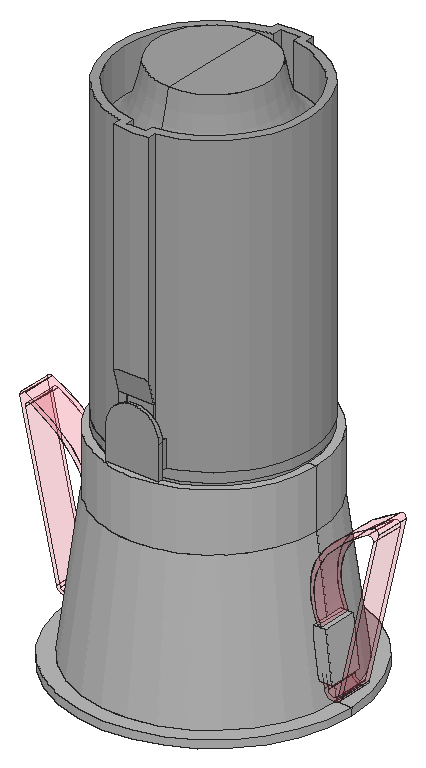
Revit family "LAMP_MOODY G2 1700 (DALI) + MINI ROUND FIXED REFLECTOR", category Luminarias, Revit 2015
Parameters (values of type "2700K FLOOD")
  Ángulo de inclinación = 90.00°
  White reflector model = White reflector code  # "MORFRD072FXW"
  White reflector finish = "Matt white"
  White reflector description = "MOODY REF RD FX Ø72 WH."
  White reflector datasheet = "http://www.lamp.es/product-files/TECH/MORFRD072FXW-EN.pdf"
  White reflector code = "MORFRD072FXW"
  White reflector [instance] = no
  Wattage = 14 W
  UGR = "23"
  Type = "COB PHILIPS"
  Total weight = 0.344 kg
  Total height = 140 mm
  Silver reflector model = Silver reflector code  # "MORFRD072FXM"
  Silver reflector finish = "Metalized matt silver"
  Silver reflector description = "MOODY REF RD FX Ø72 MET."
  Silver reflector datasheet = "http://www.lamp.es/product-files/TECH/MORFRD072FXM-EN.pdf"
  Silver reflector code = "MORFRD072FXM"
  Silver reflector [instance] = no
  Reflector diameter = 72 mm
  Reflector [instance] = and(not(White reflector), not(Copper reflector), not(Black reflector), not(Silver reflector))  # no
  Recessed diameter = 68 mm
  built-in parameter 1150110 = 1 (stored number, unit not read)
  Protection rating = "IP20"
  Product URL = "https://www.lamp.es/en/family/moody_33323"
  Power Supply = "220-240V 50/60Hz"
  Power = 12 W
  Plum = 14 W
  Model explanation = "Availability of switching reflector colour when placed in a project."
  Material Reflector Plata = LAMP_PC Reflector Moody GR
  Material Reflector Negro = LAMP_PC Reflector Moody NG
  Material Reflector Cobre = LAMP_PC Reflector Moody CO
  Material Reflector Blanco = LAMP_PC Reflector Moody BL
  Material Muelle Emp. = LAMP_Acero genérico
  Manufacturer name = "LAMP"
  Manufacturer country = "Spain"
  Manufacturer URL = "http://www.lamp.es/en"
  MacAdam = "3"
  Lámpara = "COB LED"
  Luminaire type = "Indoor - Recessed Downlight"
  Last update = "28/08/2019"
  LED Lifetime = "50.000 L70 B10"
  Insulation class = "II"
  Installation instructions = "https://www.lamp.es/product-files/INS/1004620-A-INSTR.%20MOODY%20G2.pdf"
  IEE = "A++"
  Gear = "Adjustable DALI"
  built-in parameter 1114217 = 1 (stored number, unit not read)
  built-in parameter 1150109 = 1 (stored number, unit not read)
  Fabricante = Manufacturer name  # "LAMP"
  Efficacy = 66.2 lm/W
  Descripción = "MOODY G2 1700 VWW FL DALI BK."
  Core product code = "MO215FL927DB"
  Core model = Core product code  # "MO215FL927DB"
  Core diameter = 50 mm
  Core description = "MOODY CORE 1200 VWW MFL"
  Core datasheet = "http://www.lamp.es/product-files/TECH/MO215FL927DB-EN.pdf"
  Copper reflector model = Copper reflector code  # "MORFRD072FXC"
  Copper reflector finish = "Metalized matt copper"
  Copper reflector description = "MOODY REF RD FX Ø72 CO."
  Copper reflector datasheet = "http://www.lamp.es/product-files/TECH/MORFRD072FXW-EN.pdf"
  Copper reflector code = "MORFRD072FXC"
  Comentarios de tipo = Model explanation  # "Availability of switching reflector colour when placed in a project."
  built-in parameter 1150134 = (empty or 0)
  built-in parameter 1150113 = 1 (stored number, unit not read)
  Lumens = 926.8 lm
  built-in parameter 1150115 = 1 (stored number, unit not read)
  built-in parameter 1150105 = 73.752 (stored number, unit not read)
  built-in parameter 1150137 = (empty or 0)
  built-in parameter 1150139 = (empty or 0)
  built-in parameter 1150112 = 1 (stored number, unit not read)
  built-in parameter 1150114 = 1 (stored number, unit not read)
  built-in parameter 1150132 = 2
  built-in parameter 1150102 = (empty or 0)
  built-in parameter 1150138 = (empty or 0)
  built-in parameter 1150107 = 2700 (stored number, unit not read)
  built-in parameter 1150106 = 0.73752 (stored number, unit not read)
  built-in parameter 1150104 = 6.1502 (stored number, unit not read)
  Dimming Lamp Color Temperature Shift = (empty or 0)
  Color Filter = 16777215
  built-in parameter 1114218 = 1 (stored number, unit not read)
  CRI = "90"
  Copper reflector [instance] = yes
  Black reflector model = Black reflector code  # "MORFRD072FXB"
  Black reflector finish = "Matt black"
  Black reflector description = "MOODY REF RD FX Ø72 BK."
  Black reflector datasheet = "http://www.lamp.es/product-files/TECH/MORFRD072FXB-EN.pdf"
  Black reflector code = "MORFRD072FXB"
  Black reflector [instance] = no
  Archivo de red fotométrica = "MO215FL927TB+MORFRD072FXM.IES"
  Altura reflector = 52.8 mm
  built-in parameter 1150133 = 10 (stored number, unit not read)
Types (9, lengths in mm): name | UGR | Efficacy | Descripción | Core product code | Core model | Core datasheet | built-in parameter 1150107 | CRI
  2700K FLOOD | "23" | 66.2 lm/W | "MOODY G2 1700 VWW FL DALI BK." | "MO215FL927DB" | "MO215FL927DB" | "http://www.lamp.es/product-files/TECH/MO215FL927DB-EN.pdf" | 2700 (stored number, unit not read) | "90"
  2700K SPOT | "23" | 66.2 lm/W | "MOODY G2 1700 VWW SP DALI BK." | "MO215SP927DB" | "MO215SP927DB" | "http://www.lamp.es/product-files/TECH/MO215SP927DB-EN.pdf" | 2700 (stored number, unit not read) | "90"
  2700K WIDE FLOOD | "23" | 66.2 lm/W | "MOODY G2 1700 VWW WFL DALI BK." | "MO215WF927DB" | "MO215WF927DB" | "http://www.lamp.es/product-files/TECH/MO215WF927DB-EN.pdf" | 2700 (stored number, unit not read) | "90"
  3000K FLOOD | "23" | 81.2 lm/W | "MOODY G2 1700 WW FL DALI BK." | "MO215FL830DB" | "MO215FL830DB" | "http://www.lamp.es/product-files/TECH/MO215FL830DB-EN.pdf" | 3000 (stored number, unit not read) | "80"
  3000K SPOT | "23" | 81.2 lm/W | "MOODY G2 1700 WW SP DALI BK." | "MO215SP830DB" | "MO215SP830DB" | "http://www.lamp.es/product-files/TECH/MO215SP830DB-EN.pdf" | 3000 (stored number, unit not read) | "80"
  3000K WIDE FLOOD | "23" | 81.2 lm/W | "MOODY G2 1700 WW WFL DALI BK." | "MO215WF830DB" | "MO215WF830DB" | "http://www.lamp.es/product-files/TECH/MO215WF830DB-EN.pdf" | 3000 (stored number, unit not read) | "80"
  4000K FLOOD | "24" | 86 lm/W | "MOODY G2 1700 NW FL DALI BK." | "MO215FL840DB" | "MO215FL840DB" | "http://www.lamp.es/product-files/TECH/MO215FL840DB-EN.pdf" | 4000 (stored number, unit not read) | "80"
  4000K SPOT | "24" | 86 lm/W | "MOODY G2 1700 NW SP DALI BK." | "MO215SP840DB" | "MO215SP840DB" | "http://www.lamp.es/product-files/TECH/MO215SP840DB-EN.pdf" | 4000 (stored number, unit not read) | "80"
  4000K WIDE FLOOD | "24" | 86 lm/W | "MOODY G2 1700 NW WFL DALI BK." | "MO215WF840DB" | "MO215WF840DB" | "http://www.lamp.es/product-files/TECH/MO215WF840DB-EN.pdf" | 4000 (stored number, unit not read) | "80"
Reference planes
  plane 1 "Eje de origen de luz (F/P)": y = 0
  plane 2: z = 0
  plane 3 "Eje de origen de luz (I/D)": x = 0
  plane 4 "Techo": z = 4000
  plane 5 "Elevación de origen de luz": z = 4000
Forms (mm)
  Revolve 1, solid, material "LAMP_PC Reflector Moody CO" <- "Material Reflector Cobre", visible <- "Reflector"
    sketch origin (0, 0, 0) x (1, 0, 0) y (0, 0, 1)
      loop
        line (-30, 3998) -> (-30, 4000) -> (-24.838, 4037.526) -> (-24.838, 4045.8) -> (-23.138, 4045.8) -> (-23.138, 4047.8) -> (-24.838, 4047.8) -> (-24.838, 4052.8) -> (-26.8, 4052.8) -> (-26.8, 4037.8) -> (-32, 4000) -> (-36, 4000) -> (-36, 3998) -> (-30, 3998)
      axis (0, 3998) -> (0, 4052.8)
    angle from 0 to 360
  Extrusion 2, solid, material "LAMP_PC Reflector Moody CO" <- "Material Reflector Cobre", visible <- "Reflector"
    sketch origin (0, 0, 0) x (1, 0, 0) y (0, 0, 1)
      loop
        line (-31.187, 4006.379) -> (-29.063, 4012.148) -> (-29.652, 4018.879) -> (-32.652, 4018.879) -> (-34.187, 4006.379) -> (-31.187, 4006.379)
    from 4.4 to -4.4
  Extrusion 3, solid, material "LAMP_Acero genérico" <- "Material Muelle Emp."
    sketch origin (0, 0, 0) x (1, 0, 0) y (0, 0, 1)
      loop
        line (-31.943, 4008.334) -> (-32.936, 4008.456) -> (-33.354, 4005.052)
        arc (-33.354, 4005.052) -> (-34.505, 4003.774) -> (-36.101, 4004.418) r 1.5
        line (-36.101, 4004.418) -> (-45.08, 4043.315)
        arc (-45.08, 4043.315) -> (-44.744, 4044.291) -> (-43.719, 4044.417) r 0.975
        spline (-43.719, 4044.417) -> (-39.839, 4042.049) -> (-36.692, 4039.685) -> (-34.215, 4037.335) -> (-32.344, 4035.012) -> (-31.016, 4032.729) -> (-30.17, 4030.498) -> (-29.74, 4028.33) -> (-29.666, 4026.239) -> (-29.883, 4024.236) -> (-30.329, 4022.333) -> (-30.941, 4020.544) -> (-31.656, 4018.879)
        line (-31.656, 4018.879) -> (-30.649, 4018.879)
        spline (-30.649, 4018.879) -> (-29.869, 4020.895) -> (-29.241, 4023.007) -> (-28.826, 4025.204) -> (-28.688, 4027.472) -> (-28.891, 4029.797) -> (-29.498, 4032.167) -> (-30.573, 4034.568) -> (-32.179, 4036.988) -> (-34.38, 4039.414) -> (-37.239, 4041.832) -> (-40.82, 4044.23) -> (-45.186, 4046.593)
        arc (-45.186, 4046.593) -> (-46.211, 4046.467) -> (-46.547, 4045.491) r 0.975
        line (-46.547, 4045.491) -> (-37.091, 4004.532)
        arc (-37.091, 4004.532) -> (-36.228, 4003.203) -> (-34.714, 4002.739) r 2.317
        arc (-34.714, 4002.739) -> (-33.138, 4003.406) -> (-32.361, 4004.931) r 2.5
        line (-32.361, 4004.931) -> (-31.943, 4008.334)
    from 4.4 to -4.4
  Extrusion 4, solid, material "LAMP_PC Reflector Moody CO" <- "Material Reflector Cobre", visible <- "Reflector"
    sketch origin (0, 0, 0) x (-1, 0, 0) y (0, 0, -1)
      loop
        line (-31.187, -4006.379) -> (-34.187, -4006.379) -> (-32.652, -4018.879) -> (-29.652, -4018.879) -> (-29.063, -4012.148) -> (-31.187, -4006.379)
    from 4.4 to -4.4
  Extrusion 5, solid, material "LAMP_Acero genérico" <- "Material Muelle Emp."
    sketch origin (0, 0, 0) x (-1, 0, 0) y (0, 0, -1)
      loop
        line (-31.943, -4008.334) -> (-32.361, -4004.931)
        arc (-32.361, -4004.931) -> (-33.138, -4003.406) -> (-34.714, -4002.739) r 2.5
        arc (-34.714, -4002.739) -> (-36.228, -4003.203) -> (-37.091, -4004.532) r 2.317
        line (-37.091, -4004.532) -> (-46.547, -4045.491)
        arc (-46.547, -4045.491) -> (-46.211, -4046.467) -> (-45.186, -4046.593) r 0.975
        spline (-45.186, -4046.593) -> (-40.82, -4044.23) -> (-37.239, -4041.832) -> (-34.38, -4039.414) -> (-32.179, -4036.988) -> (-30.573, -4034.568) -> (-29.498, -4032.167) -> (-28.891, -4029.797) -> (-28.688, -4027.472) -> (-28.826, -4025.204) -> (-29.241, -4023.007) -> (-29.869, -4020.895) -> (-30.649, -4018.879)
        line (-30.649, -4018.879) -> (-31.656, -4018.879)
        spline (-31.656, -4018.879) -> (-30.941, -4020.544) -> (-30.329, -4022.333) -> (-29.883, -4024.236) -> (-29.666, -4026.239) -> (-29.74, -4028.33) -> (-30.17, -4030.498) -> (-31.016, -4032.729) -> (-32.344, -4035.012) -> (-34.215, -4037.335) -> (-36.692, -4039.685) -> (-39.839, -4042.049) -> (-43.719, -4044.417)
        arc (-43.719, -4044.417) -> (-44.744, -4044.291) -> (-45.08, -4043.315) r 0.975
        line (-45.08, -4043.315) -> (-36.101, -4004.418)
        arc (-36.101, -4004.418) -> (-34.505, -4003.774) -> (-33.354, -4005.052) r 1.5
        line (-33.354, -4005.052) -> (-32.936, -4008.456) -> (-31.943, -4008.334)
    from 4.4 to -4.4
  Revolve 6, solid, material "LAMP_PC Reflector Moody BL" <- "Material Reflector Blanco", visible <- "White reflector"
    sketch origin (0, 0, 0) x (1, 0, 0) y (0, 0, 1)
      loop
        line (-30, 3998) -> (-30, 4000) -> (-24.838, 4037.526) -> (-24.838, 4045.8) -> (-23.138, 4045.8) -> (-23.138, 4047.8) -> (-24.838, 4047.8) -> (-24.838, 4052.8) -> (-26.8, 4052.8) -> (-26.8, 4037.8) -> (-32, 4000) -> (-36, 4000) -> (-36, 3998) -> (-30, 3998)
      axis (0, 3998) -> (0, 4052.8)
    angle from 0 to 360
  Extrusion 7, solid, material "LAMP_PC Reflector Moody BL" <- "Material Reflector Blanco", visible <- "White reflector"
    sketch origin (0, 0, 0) x (1, 0, 0) y (0, 0, 1)
      loop
        line (-31.187, 4006.379) -> (-29.063, 4012.148) -> (-29.652, 4018.879) -> (-32.652, 4018.879) -> (-34.187, 4006.379) -> (-31.187, 4006.379)
    from 4.4 to -4.4
  Extrusion 8, solid, material "LAMP_PC Reflector Moody BL" <- "Material Reflector Blanco", visible <- "White reflector"
    sketch origin (0, 0, 0) x (-1, 0, 0) y (0, 0, -1)
      loop
        line (-31.187, -4006.379) -> (-34.187, -4006.379) -> (-32.652, -4018.879) -> (-29.652, -4018.879) -> (-29.063, -4012.148) -> (-31.187, -4006.379)
    from 4.4 to -4.4
  Revolve 9, solid, material "LAMP_PC Reflector Moody CO" <- "Material Reflector Cobre", visible <- "Copper reflector"
    sketch origin (0, 0, 0) x (1, 0, 0) y (0, 0, 1)
      loop
        line (-30, 3998) -> (-30, 4000) -> (-24.838, 4037.526) -> (-24.838, 4045.8) -> (-23.138, 4045.8) -> (-23.138, 4047.8) -> (-24.838, 4047.8) -> (-24.838, 4052.8) -> (-26.8, 4052.8) -> (-26.8, 4037.8) -> (-32, 4000) -> (-36, 4000) -> (-36, 3998) -> (-30, 3998)
      axis (0, 3998) -> (0, 4052.8)
    angle from 0 to 360
  Extrusion 10, solid, material "LAMP_PC Reflector Moody CO" <- "Material Reflector Cobre", visible <- "Copper reflector"
    sketch origin (0, 0, 0) x (1, 0, 0) y (0, 0, 1)
      loop
        line (-31.187, 4006.379) -> (-29.063, 4012.148) -> (-29.652, 4018.879) -> (-32.652, 4018.879) -> (-34.187, 4006.379) -> (-31.187, 4006.379)
    from 4.4 to -4.4
  Extrusion 11, solid, material "LAMP_PC Reflector Moody CO" <- "Material Reflector Cobre", visible <- "Copper reflector"
    sketch origin (0, 0, 0) x (-1, 0, 0) y (0, 0, -1)
      loop
        line (-31.187, -4006.379) -> (-34.187, -4006.379) -> (-32.652, -4018.879) -> (-29.652, -4018.879) -> (-29.063, -4012.148) -> (-31.187, -4006.379)
    from 4.4 to -4.4
  Revolve 12, solid, material "LAMP_PC Reflector Moody NG" <- "Material Reflector Negro", visible <- "Black reflector"
    sketch origin (0, 0, 0) x (1, 0, 0) y (0, 0, 1)
      loop
        line (-30, 3998) -> (-30, 4000) -> (-24.838, 4037.526) -> (-24.838, 4045.8) -> (-23.138, 4045.8) -> (-23.138, 4047.8) -> (-24.838, 4047.8) -> (-24.838, 4052.8) -> (-26.8, 4052.8) -> (-26.8, 4037.8) -> (-32, 4000) -> (-36, 4000) -> (-36, 3998) -> (-30, 3998)
      axis (0, 3998) -> (0, 4052.8)
    angle from 0 to 360
  Extrusion 13, solid, material "LAMP_PC Reflector Moody NG" <- "Material Reflector Negro", visible <- "Black reflector"
    sketch origin (0, 0, 0) x (1, 0, 0) y (0, 0, 1)
      loop
        line (-31.187, 4006.379) -> (-29.063, 4012.148) -> (-29.652, 4018.879) -> (-32.652, 4018.879) -> (-34.187, 4006.379) -> (-31.187, 4006.379)
    from 4.4 to -4.4
  Extrusion 14, solid, material "LAMP_PC Reflector Moody NG" <- "Material Reflector Negro", visible <- "Black reflector"
    sketch origin (0, 0, 0) x (-1, 0, 0) y (0, 0, -1)
      loop
        line (-31.187, -4006.379) -> (-34.187, -4006.379) -> (-32.652, -4018.879) -> (-29.652, -4018.879) -> (-29.063, -4012.148) -> (-31.187, -4006.379)
    from 4.4 to -4.4
  Revolve 15, solid, material "LAMP_PC Reflector Moody GR" <- "Material Reflector Plata", visible <- "Silver reflector"
    sketch origin (0, 0, 0) x (1, 0, 0) y (0, 0, 1)
      loop
        line (-30, 3998) -> (-30, 4000) -> (-24.838, 4037.526) -> (-24.838, 4045.8) -> (-23.138, 4045.8) -> (-23.138, 4047.8) -> (-24.838, 4047.8) -> (-24.838, 4052.8) -> (-26.8, 4052.8) -> (-26.8, 4037.8) -> (-32, 4000) -> (-36, 4000) -> (-36, 3998) -> (-30, 3998)
      axis (0, 3998) -> (0, 4052.8)
    angle from 0 to 360
  Extrusion 16, solid, material "LAMP_PC Reflector Moody GR" <- "Material Reflector Plata", visible <- "Silver reflector"
    sketch origin (0, 0, 0) x (1, 0, 0) y (0, 0, 1)
      loop
        line (-31.187, 4006.379) -> (-29.063, 4012.148) -> (-29.652, 4018.879) -> (-32.652, 4018.879) -> (-34.187, 4006.379) -> (-31.187, 4006.379)
    from 4.4 to -4.4
  Extrusion 17, solid, material "LAMP_PC Reflector Moody GR" <- "Material Reflector Plata", visible <- "Silver reflector"
    sketch origin (0, 0, 0) x (-1, 0, 0) y (0, 0, -1)
      loop
        line (-31.187, -4006.379) -> (-34.187, -4006.379) -> (-32.652, -4018.879) -> (-29.652, -4018.879) -> (-29.063, -4012.148) -> (-31.187, -4006.379)
    from 4.4 to -4.4
Text (mm)
  text "Any modification of the parameters and properties of the LAMP BIM models must be executed and validated by the LAMP technical department.\n\nPhone: +34 93 736 68 00\n\nE-mail: lamp@lamp.es\n\n\n\nLAMP reserves the right to modify the technical specifications of its products." at (-1193.374, 1782.913, 3832.353), in view "Preview"
Dimensions and locks
  equal spacing: host sketch curve, plane 3 "Eje de origen de luz (I/D)", host sketch curve
  equal spacing: host sketch curve, plane 1 "Eje de origen de luz (F/P)", host sketch curve
  host sketch curve to host sketch curve = 4000 mm  (x2)
  locked: plane 4 "Techo" to host ceiling at 0
  "Altura reflector": plane 4 "Techo" to Revolve 1
  locked: Revolve 15 to nested 1 at 85
  aligned and locked: plane 3 "Eje de origen de luz (I/D)" to imposter light
  aligned and locked: plane 1 "Eje de origen de luz (F/P)" to imposter light
  aligned and locked: plane 5 "Elevación de origen de luz" to imposter light
  aligned and locked: imposter light to plane 4 "Techo"
Automatic sketch dimensions
  Revolve 1 sketch curve to plane 4 "Techo" = 0 mm  (x2)
  Revolve 1 sketch curve to plane 3 "Eje de origen de luz (I/D)" = 0 mm
  Revolve 1 sketch curve to plane 3 "Eje de origen de luz (I/D)" = 23.138 mm
  Revolve 1 sketch curve to Revolve 1 sketch curve = 1.7 mm  (x2)
  Revolve 1 sketch curve to Revolve 1 sketch curve = 1.962 mm
  Revolve 1 sketch curve to plane 3 "Eje de origen de luz (I/D)" = 30 mm
  Revolve 1 sketch curve to Revolve 1 sketch curve = 2 mm  (x2)
  Revolve 1 sketch curve to Revolve 1 sketch curve = 4 mm
  plane 4 "Techo" to Revolve 1 sketch curve = 2 mm
  Revolve 1 sketch curve to plane 4 "Techo" = 37.526 mm
  Revolve 1 sketch curve to Revolve 1 sketch curve = 0.274 mm
  Revolve 1 sketch curve to Revolve 1 sketch curve = 8 mm
  Revolve 1 sketch curve to Revolve 1 sketch curve = 5 mm
  Revolve 1 sketch curve to level = 358.228 mm
  Revolve 1 sketch curve to Revolve 1 sketch curve = 309.385 mm
  Extrusion 2 sketch curve to plane 4 "Techo" = 6.379 mm
  Extrusion 2 sketch curve to plane 3 "Eje de origen de luz (I/D)" = 34.187 mm
  Extrusion 2 sketch curve to Extrusion 2 sketch curve = 1.535 mm
  Extrusion 2 sketch curve to Extrusion 2 sketch curve = 3 mm  (x2)
  Extrusion 2 sketch curve to plane 4 "Techo" = 12.148 mm
  Extrusion 2 sketch curve to Extrusion 2 sketch curve = 2.124 mm
  Extrusion 2 sketch curve to Extrusion 2 sketch curve = 6.731 mm
  Extrusion 3 sketch curve to Extrusion 3 sketch curve = 0 mm  (x2)
  Extrusion 3 sketch curve to plane 3 "Eje de origen de luz (I/D)" = 46.547 mm
  Extrusion 3 sketch curve to Extrusion 3 sketch curve = 0.95 mm  (x2)
  Extrusion 3 sketch curve to Extrusion 3 sketch curve = 0.412 mm  (x2)
  Extrusion 3 sketch curve to Extrusion 3 sketch curve = 0.517 mm
  Extrusion 3 sketch curve to plane 4 "Techo" = 4.532 mm
  Extrusion 3 sketch curve to plane 3 "Eje de origen de luz (I/D)" = 37.091 mm
  Extrusion 3 sketch curve to plane 4 "Techo" = 4.418 mm
  Extrusion 3 sketch curve to Extrusion 3 sketch curve = 0.991 mm
  Extrusion 3 sketch curve to Extrusion 3 sketch curve = 1.258 mm
  Extrusion 3 sketch curve to Extrusion 3 sketch curve = 0.009 mm
  Extrusion 3 sketch curve to plane 4 "Techo" = 5.052 mm
  Extrusion 3 sketch curve to Extrusion 3 sketch curve = 1.479 mm
  Extrusion 3 sketch curve to plane 4 "Techo" = 8.456 mm
  Extrusion 3 sketch curve to Extrusion 3 sketch curve = 0.418 mm
  Extrusion 3 sketch curve to plane 4 "Techo" = 4.931 mm
  Extrusion 3 sketch curve to Extrusion 3 sketch curve = 0.993 mm
  Extrusion 3 sketch curve to Extrusion 3 sketch curve = 1.28 mm
  Extrusion 3 sketch curve to Extrusion 3 sketch curve = 1.008 mm
  Extrusion 3 sketch curve to Extrusion 3 sketch curve = 0.182 mm
  Extrusion 3 sketch curve to Extrusion 3 sketch curve = 10.423 mm
  Extrusion 3 sketch curve to Extrusion 3 sketch curve = 24.435 mm
  Extrusion 3 sketch curve to Extrusion 3 sketch curve = 0.219 mm  (x2)
  Extrusion 3 sketch curve to Extrusion 3 sketch curve = 2.176 mm
  plane 4 "Techo" to Extrusion 4 sketch curve = 6.379 mm
  Extrusion 4 sketch curve to plane 3 "Eje de origen de luz (I/D)" = 34.187 mm
  Extrusion 4 sketch curve to Extrusion 4 sketch curve = 1.535 mm
  Extrusion 4 sketch curve to Extrusion 4 sketch curve = 3 mm  (x2)
  plane 4 "Techo" to Extrusion 4 sketch curve = 12.148 mm
  Extrusion 4 sketch curve to Extrusion 4 sketch curve = 2.124 mm
  Extrusion 4 sketch curve to Extrusion 4 sketch curve = 6.731 mm
  Extrusion 5 sketch curve to Extrusion 5 sketch curve = 0 mm  (x2)
  Extrusion 5 sketch curve to plane 3 "Eje de origen de luz (I/D)" = 46.547 mm
  Extrusion 5 sketch curve to Extrusion 5 sketch curve = 0.95 mm  (x2)
  Extrusion 5 sketch curve to Extrusion 5 sketch curve = 0.412 mm  (x2)
  Extrusion 5 sketch curve to Extrusion 5 sketch curve = 0.517 mm
  plane 4 "Techo" to Extrusion 5 sketch curve = 4.532 mm
  Extrusion 5 sketch curve to plane 3 "Eje de origen de luz (I/D)" = 37.091 mm
  plane 4 "Techo" to Extrusion 5 sketch curve = 4.418 mm
  Extrusion 5 sketch curve to Extrusion 5 sketch curve = 0.991 mm
  Extrusion 5 sketch curve to Extrusion 5 sketch curve = 1.258 mm
  Extrusion 5 sketch curve to Extrusion 5 sketch curve = 0.009 mm
  plane 4 "Techo" to Extrusion 5 sketch curve = 5.052 mm
  Extrusion 5 sketch curve to Extrusion 5 sketch curve = 1.479 mm
  plane 4 "Techo" to Extrusion 5 sketch curve = 8.456 mm
  Extrusion 5 sketch curve to Extrusion 5 sketch curve = 0.418 mm
  plane 4 "Techo" to Extrusion 5 sketch curve = 4.931 mm
  Extrusion 5 sketch curve to Extrusion 5 sketch curve = 0.993 mm
  Extrusion 5 sketch curve to Extrusion 5 sketch curve = 1.28 mm
  Extrusion 5 sketch curve to Extrusion 5 sketch curve = 1.008 mm
  Extrusion 5 sketch curve to Extrusion 5 sketch curve = 0.182 mm
  Extrusion 5 sketch curve to Extrusion 5 sketch curve = 10.423 mm
  Extrusion 5 sketch curve to Extrusion 5 sketch curve = 24.435 mm
  Extrusion 5 sketch curve to Extrusion 5 sketch curve = 0.219 mm  (x2)
  Extrusion 5 sketch curve to Extrusion 5 sketch curve = 2.176 mm
  Revolve 6 sketch curve to plane 4 "Techo" = 0 mm  (x2)
  plane 4 "Techo" to Revolve 6 sketch curve = 2 mm
  Revolve 6 sketch curve to plane 3 "Eje de origen de luz (I/D)" = 36 mm
  Revolve 6 sketch curve to Revolve 6 sketch curve = 4 mm
  Revolve 6 sketch curve to Revolve 6 sketch curve = 2 mm  (x2)
  Revolve 6 sketch curve to Revolve 6 sketch curve = 3.2 mm
  Revolve 6 sketch curve to Revolve 6 sketch curve = 1.962 mm  (x2)
  Revolve 6 sketch curve to Revolve 6 sketch curve = 1.7 mm
  Revolve 6 sketch curve to plane 4 "Techo" = 37.526 mm
  Revolve 6 sketch curve to Revolve 6 sketch curve = 0.274 mm
  Revolve 6 sketch curve to Revolve 6 sketch curve = 8 mm
  Revolve 6 sketch curve to Revolve 6 sketch curve = 5 mm
  plane 3 "Eje de origen de luz (I/D)" to Revolve 6 sketch curve = 0 mm
  Revolve 6 sketch curve to level = 358.228 mm
  Revolve 6 sketch curve to Revolve 6 sketch curve = 309.385 mm
  Extrusion 7 sketch curve to plane 4 "Techo" = 6.379 mm
  Extrusion 7 sketch curve to plane 3 "Eje de origen de luz (I/D)" = 34.187 mm
  Extrusion 7 sketch curve to Extrusion 7 sketch curve = 1.535 mm
  Extrusion 7 sketch curve to Extrusion 7 sketch curve = 3 mm  (x2)
  Extrusion 7 sketch curve to plane 4 "Techo" = 18.879 mm
  Extrusion 7 sketch curve to plane 4 "Techo" = 12.148 mm
  Extrusion 7 sketch curve to Extrusion 7 sketch curve = 2.124 mm
  plane 4 "Techo" to Extrusion 8 sketch curve = 6.379 mm
  Extrusion 8 sketch curve to plane 3 "Eje de origen de luz (I/D)" = 34.187 mm
  Extrusion 8 sketch curve to Extrusion 8 sketch curve = 1.535 mm
  Extrusion 8 sketch curve to Extrusion 8 sketch curve = 3 mm  (x2)
  plane 4 "Techo" to Extrusion 8 sketch curve = 18.879 mm
  plane 4 "Techo" to Extrusion 8 sketch curve = 12.148 mm
  Extrusion 8 sketch curve to Extrusion 8 sketch curve = 2.124 mm
  Revolve 9 sketch curve to plane 4 "Techo" = 0 mm  (x2)
  plane 4 "Techo" to Revolve 9 sketch curve = 2 mm
  Revolve 9 sketch curve to plane 3 "Eje de origen de luz (I/D)" = 36 mm
  Revolve 9 sketch curve to Revolve 9 sketch curve = 4 mm
  Revolve 9 sketch curve to Revolve 9 sketch curve = 2 mm  (x2)
  Revolve 9 sketch curve to Revolve 9 sketch curve = 3.2 mm
  Revolve 9 sketch curve to Revolve 9 sketch curve = 1.962 mm  (x2)
  Revolve 9 sketch curve to Revolve 9 sketch curve = 1.7 mm
  Revolve 9 sketch curve to plane 4 "Techo" = 37.526 mm
  Revolve 9 sketch curve to Revolve 9 sketch curve = 0.274 mm
  Revolve 9 sketch curve to Revolve 9 sketch curve = 8 mm
  Revolve 9 sketch curve to Revolve 9 sketch curve = 5 mm
  plane 3 "Eje de origen de luz (I/D)" to Revolve 9 sketch curve = 0 mm
  Revolve 9 sketch curve to level = 358.228 mm
  Revolve 9 sketch curve to Revolve 9 sketch curve = 309.385 mm
  Extrusion 10 sketch curve to plane 4 "Techo" = 6.379 mm
  Extrusion 10 sketch curve to plane 3 "Eje de origen de luz (I/D)" = 34.187 mm
  Extrusion 10 sketch curve to Extrusion 10 sketch curve = 1.535 mm
  Extrusion 10 sketch curve to Extrusion 10 sketch curve = 3 mm  (x2)
  Extrusion 10 sketch curve to plane 4 "Techo" = 18.879 mm
  Extrusion 10 sketch curve to plane 4 "Techo" = 12.148 mm
  Extrusion 10 sketch curve to Extrusion 10 sketch curve = 2.124 mm
  plane 4 "Techo" to Extrusion 11 sketch curve = 6.379 mm
  Extrusion 11 sketch curve to plane 3 "Eje de origen de luz (I/D)" = 34.187 mm
  Extrusion 11 sketch curve to Extrusion 11 sketch curve = 1.535 mm
  Extrusion 11 sketch curve to Extrusion 11 sketch curve = 3 mm  (x2)
  plane 4 "Techo" to Extrusion 11 sketch curve = 18.879 mm
  plane 4 "Techo" to Extrusion 11 sketch curve = 12.148 mm
  Extrusion 11 sketch curve to Extrusion 11 sketch curve = 2.124 mm
  Revolve 12 sketch curve to plane 4 "Techo" = 0 mm  (x2)
  plane 4 "Techo" to Revolve 12 sketch curve = 2 mm
  Revolve 12 sketch curve to plane 3 "Eje de origen de luz (I/D)" = 36 mm
  Revolve 12 sketch curve to Revolve 12 sketch curve = 4 mm
  Revolve 12 sketch curve to Revolve 12 sketch curve = 2 mm  (x2)
  Revolve 12 sketch curve to Revolve 12 sketch curve = 3.2 mm
  Revolve 12 sketch curve to Revolve 12 sketch curve = 1.962 mm  (x2)
  Revolve 12 sketch curve to Revolve 12 sketch curve = 1.7 mm
  Revolve 12 sketch curve to plane 4 "Techo" = 37.526 mm
  Revolve 12 sketch curve to Revolve 12 sketch curve = 0.274 mm
  Revolve 12 sketch curve to Revolve 12 sketch curve = 8 mm
  Revolve 12 sketch curve to Revolve 12 sketch curve = 5 mm
  plane 3 "Eje de origen de luz (I/D)" to Revolve 12 sketch curve = 0 mm
  Revolve 12 sketch curve to level = 358.228 mm
  Revolve 12 sketch curve to Revolve 12 sketch curve = 309.385 mm
  Extrusion 13 sketch curve to plane 4 "Techo" = 6.379 mm
  Extrusion 13 sketch curve to plane 3 "Eje de origen de luz (I/D)" = 34.187 mm
  Extrusion 13 sketch curve to Extrusion 13 sketch curve = 1.535 mm
  Extrusion 13 sketch curve to Extrusion 13 sketch curve = 3 mm  (x2)
  Extrusion 13 sketch curve to plane 4 "Techo" = 18.879 mm
  Extrusion 13 sketch curve to plane 4 "Techo" = 12.148 mm
  Extrusion 13 sketch curve to Extrusion 13 sketch curve = 2.124 mm
  plane 4 "Techo" to Extrusion 14 sketch curve = 6.379 mm
  Extrusion 14 sketch curve to plane 3 "Eje de origen de luz (I/D)" = 34.187 mm
  Extrusion 14 sketch curve to Extrusion 14 sketch curve = 1.535 mm
  Extrusion 14 sketch curve to Extrusion 14 sketch curve = 3 mm  (x2)
  plane 4 "Techo" to Extrusion 14 sketch curve = 18.879 mm
  plane 4 "Techo" to Extrusion 14 sketch curve = 12.148 mm
  Extrusion 14 sketch curve to Extrusion 14 sketch curve = 2.124 mm
  Revolve 15 sketch curve to plane 4 "Techo" = 0 mm  (x2)
  plane 4 "Techo" to Revolve 15 sketch curve = 2 mm
  Revolve 15 sketch curve to plane 3 "Eje de origen de luz (I/D)" = 36 mm
  Revolve 15 sketch curve to Revolve 15 sketch curve = 4 mm
  Revolve 15 sketch curve to Revolve 15 sketch curve = 2 mm  (x2)
  Revolve 15 sketch curve to Revolve 15 sketch curve = 3.2 mm
  Revolve 15 sketch curve to Revolve 15 sketch curve = 1.962 mm  (x2)
  Revolve 15 sketch curve to Revolve 15 sketch curve = 1.7 mm
  Revolve 15 sketch curve to plane 4 "Techo" = 37.526 mm
  Revolve 15 sketch curve to Revolve 15 sketch curve = 0.274 mm
  Revolve 15 sketch curve to Revolve 15 sketch curve = 8 mm
  Revolve 15 sketch curve to Revolve 15 sketch curve = 5 mm
  plane 3 "Eje de origen de luz (I/D)" to Revolve 15 sketch curve = 0 mm
  Revolve 15 sketch curve to level = 358.228 mm
  Revolve 15 sketch curve to Revolve 15 sketch curve = 309.385 mm
  Extrusion 16 sketch curve to plane 4 "Techo" = 6.379 mm
  Extrusion 16 sketch curve to plane 3 "Eje de origen de luz (I/D)" = 34.187 mm
  Extrusion 16 sketch curve to Extrusion 16 sketch curve = 1.535 mm
  Extrusion 16 sketch curve to Extrusion 16 sketch curve = 3 mm  (x2)
  Extrusion 16 sketch curve to plane 4 "Techo" = 18.879 mm
  Extrusion 16 sketch curve to plane 4 "Techo" = 12.148 mm
  Extrusion 16 sketch curve to Extrusion 16 sketch curve = 2.124 mm
  plane 4 "Techo" to Extrusion 17 sketch curve = 6.379 mm
  Extrusion 17 sketch curve to plane 3 "Eje de origen de luz (I/D)" = 34.187 mm
  Extrusion 17 sketch curve to Extrusion 17 sketch curve = 1.535 mm
  Extrusion 17 sketch curve to Extrusion 17 sketch curve = 3 mm  (x2)
  plane 4 "Techo" to Extrusion 17 sketch curve = 18.879 mm
  plane 4 "Techo" to Extrusion 17 sketch curve = 12.148 mm
  Extrusion 17 sketch curve to Extrusion 17 sketch curve = 2.124 mm
Nested families
  nested 1: "LAMP_MOODY CORE 1200" at (0, 0, 4047.8) x (0, 1, 0) z (0, 0, 1), type "LAMP_MOODY CORE 1200"
Connectors
  electrical at (0, 0, 4000)
    settings: on imposter light, index 1, voltage 230 V, apparent load 0 VA, apparent load phase1 0 VA, apparent load phase2 0 VA, apparent load phase3 0 VA, power factor 1, load classification "Otro", number of poles 1, system type 31, power factor state 1, is connector primary yes, connector utility no, sub classification motor no, connector description ""
Definition of nested family "LAMP_MOODY CORE 1200"
  Parameters (values of type "LAMP_MOODY CORE 1200")
    Weight = 0.316 kg
    Protection rating = "IP20"
    Product name = "MOODY CORE 1200"
    Product URL = "http://www.lamp.es/en/family/moody_33323"
    Material Reflector = none
    Material Cuerpo = none
    Material COB = none
    Manufacturer name = "LAMP"
    Manufacturer country = "Spain"
    Manufacturer URL = "http://www.lamp.es/en"
    Luminaire type = "Indoor - Recessed Downlight"
    Last update = "08/05/2018"
    Installation instructions = ""
    Height = 90 mm
    Finish = "Cataphorese"
    Manufacturer = Manufacturer name  # "LAMP"
    Default Elevation = 1219.2 mm
    Diameter = 50 mm
    Description = Product name  # "MOODY CORE 1200"
    Type Comments = "For product codes and features, see corresponding files LAMP_CORE + REFLECTOR"
    Altura interior = 74 mm
  Reference planes
    plane 1 "Centro (Frontal/Posterior)": y = 0
    plane 2: z = 0
    plane 3 "Centro (Izquierda/Derecha)": x = 0
    plane 4: z = 74
  Forms (mm)
    Extrusion 1, solid
      sketch origin (0, 0, 0) x (1, 0, 0) y (0, 1, 0)
        loop
          line (-1219.2, 1219.2) -> (-1219.2, -1219.2) -> (1219.2, -1219.2) -> (1219.2, 1219.2) -> (-1219.2, 1219.2)
      from 0 to -304.8
    Extrusion 2, solid, material <- "Material Cuerpo"
      sketch origin (0, 0, 8.2) x (1, 0, 0) y (0, 1, 0)
        loop
          arc (-26.622, 4.5) -> (-27, 0) -> (-26.622, -4.5) r 27
          line (-26.622, -4.5) -> (-24.592, -4.5)
          arc (-24.592, -4.5) -> (0, -25) -> (24.592, -4.5) r 25
          line (24.592, -4.5) -> (26.622, -4.5)
          arc (26.622, -4.5) -> (27, 0) -> (26.622, 4.5) r 27
          line (26.622, 4.5) -> (24.592, 4.5)
          arc (24.592, 4.5) -> (0, 25) -> (-24.592, 4.5) r 25
          line (-24.592, 4.5) -> (-26.622, 4.5)
        loop
          line (-24.875, -2.5) -> (-22.864, -2.5)
          arc (-22.864, -2.5) -> (0, -23) -> (22.864, -2.5) r 23
          line (22.864, -2.5) -> (24.875, -2.5)
          arc (24.875, -2.5) -> (25, 0) -> (24.875, 2.5) r 25
          line (24.875, 2.5) -> (22.864, 2.5)
          arc (22.864, 2.5) -> (0, 23) -> (-22.864, 2.5) r 23
          line (-22.864, 2.5) -> (-24.875, 2.5)
          arc (-24.875, 2.5) -> (-25, 0) -> (-24.875, -2.5) r 25
      from 0 to 77
    Revolve 3, solid, material <- "Material Cuerpo"
      sketch origin (0, 0, 8.2) x (1, 0, 0) y (0, 0, 1)
        loop
          spline (-14.467, 81.8) -> (-14.836, 79.556) -> (-15.268, 77.477) -> (-15.761, 75.564) -> (-16.317, 73.817) -> (-16.935, 72.235) -> (-17.615, 70.819) -> (-18.357, 69.568) -> (-19.161, 68.483) -> (-20.028, 67.564) -> (-20.956, 66.81) -> (-21.947, 66.222) -> (-23, 65.8)
          line (-23, 65.8) -> (0, 65.8) -> (0, 81.8) -> (-14.467, 81.8)
        axis (0, 81.8) -> (0, 65.8)
      angle from 0 to 360
    Extrusion 4, void
      sketch origin (0, 0, 8.2) x (0, 1, 0) y (0, 0, 1)
        loop
          line (-7, 0) -> (7, 0) -> (7, 6.5) -> (-7, 6.5) -> (-7, 0)
      from -28 to 28
    Extrusion 5, void
      sketch origin (0, 0, 8.2) x (1, 0, 0) y (0, 0, 1)
        loop
          line (25.068, 6.5) -> (27.791, 6.5) -> (27.791, 20.707) -> (26.791, 20.707) -> (25.068, 14.278) -> (25.068, 6.5)
      from -7 to 7
    Revolve 6, solid, material <- "Material Cuerpo"
      sketch origin (0, 0, 0) x (1, 0, 0) y (0, 0, 1)
        loop
          line (24.8, 0) -> (24.8, 2.2) -> (22.75, 2.2) -> (22.75, 5.8) -> (25, 5.8) -> (25, 8.2) -> (21.4, 8.2) -> (21.4, 7) -> (20.45, 7) -> (20.45, 0) -> (24.8, 0)
        axis (0, 8.2) -> (0, 0)
      angle from 0 to 360
    Extrusion 7, solid, material <- "Material Cuerpo"
      sketch origin (0, 0, 11.6) x (1, 0, 0) y (0, 1, 0)
        loop
          line (-25.068, 4.5) -> (-22.555, 4.5)
          arc (-22.555, 4.5) -> (0, 23) -> (22.555, 4.5) r 23
          line (22.555, 4.5) -> (25.068, 4.5) -> (25.068, 6.9) -> (22.778, 6.9)
          arc (22.778, 6.9) -> (0, 23.8) -> (-22.778, 6.9) r 23.8
          line (-22.778, 6.9) -> (-25.068, 6.9) -> (-25.068, 4.5)
        loop
          line (-25.068, -4.5) -> (-25.068, -6.9) -> (-22.778, -6.9)
          arc (-22.778, -6.9) -> (0, -23.8) -> (22.778, -6.9) r 23.8
          line (22.778, -6.9) -> (25.068, -6.9) -> (25.068, -4.5) -> (22.555, -4.5)
          arc (22.555, -4.5) -> (0, -23) -> (-22.555, -4.5) r 23
          line (-22.555, -4.5) -> (-25.068, -4.5)
      from -3.4 to 3.4
    Extrusion 8, solid, material <- "Material Cuerpo"
      sketch origin (0, 0, 0) x (0, 1, 0) y (0, 0, -1)
        loop
          arc (-6.769, -14.306) -> (0.131, -21.206) -> (7.031, -14.306) r 6.9
          line (7.031, -14.306) -> (7.031, -5.8) -> (-6.769, -5.8) -> (-6.769, -14.306)
      from 26 to 25.068
    Extrusion 9, solid, material <- "Material Cuerpo"
      sketch origin (0, 0, 0) x (0, 1, 0) y (0, 0, 1)
        loop
          line (-6.769, 14.306) -> (-6.769, 5.8) -> (7.031, 5.8) -> (7.031, 14.306)
          arc (7.031, 14.306) -> (0.131, 21.206) -> (-6.769, 14.306) r 6.9
      from 26 to 25.068
    Revolve 10, solid, material <- "Material Reflector"
      sketch origin (0, 0, -1660) x (1, 0, 0) y (0, 0, 1)
        loop
          line (21.4, 1667) -> (14.233, 1685.672) -> (13.283, 1685.672) -> (20.45, 1667) -> (21.4, 1667)
        axis (0, 1685.672) -> (0, 1667)
      angle from 0 to 360
    Revolve 11, solid, material <- "Material COB"
      sketch origin (0, 0, -2184.8) x (1, 0, 0) y (0, 0, 1)
        loop
          line (0, 2210.472) -> (14.233, 2210.472) -> (14.233, 2211.472) -> (0, 2211.472) -> (0, 2210.472)
        axis (0, 2211.472) -> (0, 2210.472)
      angle from 0 to 360
    Extrusion 12, void
      sketch origin (0, 0, 8.2) x (-1, 0, 0) y (0, 0, -1)
        loop
          line (25.068, -6.5) -> (25.068, -14.278) -> (26.791, -20.707) -> (27.791, -20.707) -> (27.791, -6.5) -> (25.068, -6.5)
      from -7 to 7
  Cuts and joins
    Extrusion 4, Extrusion 5, Extrusion 12 cuts Extrusion 2
    Extrusion 12 cuts Extrusion 7
    Extrusion 12 cuts Extrusion 9
  Dimensions and locks
    "Altura interior": plane 4 to Extrusion 1
    locked: cut or joined group of Extrusion 2, Extrusion 4, Extrusion 5, Extrusion 12 to plane 4 at 11.2
    aligned and locked: plane 2 to Extrusion 1
    aligned and locked: level to Extrusion 1
    aligned and locked: Revolve 3 to plane 4
    aligned and locked: Extrusion 7 to Revolve 6
    aligned and locked: Revolve 11 to Revolve 10
  Automatic sketch dimensions
    Extrusion 1 sketch curve to Extrusion 1 sketch curve = 2438.4 mm  (x2)
    Extrusion 2 sketch curve to Extrusion 2 sketch curve = 0 mm  (x57)
    plane 1 "Centro (Frontal/Posterior)" to Extrusion 2 sketch curve = 0 mm
    Extrusion 2 sketch curve to plane 3 "Centro (Izquierda/Derecha)" = 0 mm
    Extrusion 2 sketch curve to plane 1 "Centro (Frontal/Posterior)" = 2.5 mm  (x2)
    Extrusion 2 sketch curve to plane 3 "Centro (Izquierda/Derecha)" = 22.864 mm
    Extrusion 2 sketch curve to Extrusion 2 sketch curve = 1.728 mm  (x4)
    Extrusion 2 sketch curve to Extrusion 2 sketch curve = 2.011 mm  (x3)
    Extrusion 2 sketch curve to Extrusion 2 sketch curve = 2.031 mm  (x3)
    plane 1 "Centro (Frontal/Posterior)" to Extrusion 2 sketch curve = 2.5 mm
    Extrusion 2 sketch curve to Extrusion 2 sketch curve = 2 mm
    Revolve 3 sketch curve to plane 4 = 0 mm
    Revolve 3 sketch curve to plane 3 "Centro (Izquierda/Derecha)" = 0 mm  (x2)
    Revolve 3 sketch curve to Revolve 3 sketch curve = 14.467 mm
    Revolve 3 sketch curve to Revolve 3 sketch curve = 8.533 mm
    plane 4 to Revolve 3 sketch curve = 16 mm
    Revolve 3 sketch curve to level = 601.4 mm
    Revolve 3 sketch curve to Revolve 3 sketch curve = 2552.058 mm
    plane 1 "Centro (Frontal/Posterior)" to Extrusion 4 sketch curve = 7 mm
    Extrusion 4 sketch curve to plane 1 "Centro (Frontal/Posterior)" = 7 mm
    level to Extrusion 4 sketch curve = 8.2 mm
    Extrusion 4 sketch curve to Extrusion 4 sketch curve = 6.5 mm
    plane 3 "Centro (Izquierda/Derecha)" to Extrusion 5 sketch curve = 25.068 mm
    Extrusion 5 sketch curve to Extrusion 5 sketch curve = 1.723 mm
    Extrusion 5 sketch curve to Extrusion 5 sketch curve = 2.723 mm
    level to Extrusion 5 sketch curve = 14.7 mm
    Extrusion 5 sketch curve to Extrusion 5 sketch curve = 7.778 mm
    Extrusion 5 sketch curve to Extrusion 5 sketch curve = 6.429 mm
    Revolve 6 sketch curve to plane 3 "Centro (Izquierda/Derecha)" = 0 mm
    Revolve 6 sketch curve to level = 0 mm
    plane 3 "Centro (Izquierda/Derecha)" to Revolve 6 sketch curve = 20.45 mm
    Revolve 6 sketch curve to Revolve 6 sketch curve = 0.95 mm
    Revolve 6 sketch curve to Revolve 6 sketch curve = 1.35 mm
    Revolve 6 sketch curve to Revolve 6 sketch curve = 2.05 mm
    Revolve 6 sketch curve to Revolve 6 sketch curve = 2.25 mm
    level to Revolve 6 sketch curve = 2.2 mm
    Revolve 6 sketch curve to Revolve 6 sketch curve = 3.6 mm
    Revolve 6 sketch curve to Revolve 6 sketch curve = 1.2 mm
    Revolve 6 sketch curve to Revolve 6 sketch curve = 2.4 mm
    Revolve 6 sketch curve to level = 609.6 mm
    plane 4 to Revolve 6 sketch curve = 2559.858 mm
    Extrusion 7 sketch curve to Extrusion 7 sketch curve = 0 mm  (x13)
    plane 1 "Centro (Frontal/Posterior)" to Extrusion 7 sketch curve = 0 mm
    Extrusion 7 sketch curve to plane 3 "Centro (Izquierda/Derecha)" = 0 mm
    plane 1 "Centro (Frontal/Posterior)" to Extrusion 7 sketch curve = 4.5 mm  (x2)
    Extrusion 7 sketch curve to plane 3 "Centro (Izquierda/Derecha)" = 22.555 mm
    Extrusion 7 sketch curve to plane 1 "Centro (Frontal/Posterior)" = 4.5 mm  (x2)
    Extrusion 7 sketch curve to Extrusion 7 sketch curve = 0.222 mm  (x4)
    Extrusion 7 sketch curve to Extrusion 7 sketch curve = 2.29 mm  (x3)
    Extrusion 7 sketch curve to Extrusion 7 sketch curve = 2.513 mm
    Extrusion 7 sketch curve to Extrusion 7 sketch curve = 2.4 mm  (x2)
    plane 1 "Centro (Frontal/Posterior)" to Extrusion 8 sketch curve = 6.769 mm
    Extrusion 8 sketch curve to plane 1 "Centro (Frontal/Posterior)" = 0.131 mm
    level to Extrusion 8 sketch curve = 14.306 mm
    level to Extrusion 8 sketch curve = 5.8 mm
    plane 1 "Centro (Frontal/Posterior)" to Extrusion 9 sketch curve = 6.769 mm
    Extrusion 9 sketch curve to plane 1 "Centro (Frontal/Posterior)" = 0.131 mm
    level to Extrusion 9 sketch curve = 5.8 mm
    Extrusion 9 sketch curve to Extrusion 9 sketch curve = 8.506 mm
    Revolve 10 sketch curve to plane 3 "Centro (Izquierda/Derecha)" = 0 mm
    plane 3 "Centro (Izquierda/Derecha)" to Revolve 10 sketch curve = 13.283 mm
    Revolve 10 sketch curve to Revolve 10 sketch curve = 0.95 mm  (x2)
    level to Revolve 10 sketch curve = 7 mm
    Revolve 10 sketch curve to Revolve 10 sketch curve = 6.217 mm
    Revolve 10 sketch curve to Revolve 10 sketch curve = 18.672 mm
    Revolve 10 sketch curve to level = 2269.6 mm
    plane 4 to Revolve 10 sketch curve = 899.858 mm
    Revolve 11 sketch curve to plane 3 "Centro (Izquierda/Derecha)" = 0 mm  (x2)
    plane 3 "Centro (Izquierda/Derecha)" to Revolve 11 sketch curve = 14.233 mm
    level to Revolve 11 sketch curve = 25.672 mm
    Revolve 11 sketch curve to Revolve 11 sketch curve = 1 mm
    Revolve 11 sketch curve to level = 2794.4 mm
    plane 4 to Revolve 11 sketch curve = 375.058 mm
    Extrusion 12 sketch curve to plane 3 "Centro (Izquierda/Derecha)" = 25.068 mm
    Extrusion 12 sketch curve to Extrusion 12 sketch curve = 1.723 mm
    Extrusion 12 sketch curve to Extrusion 12 sketch curve = 2.723 mm
    level to Extrusion 12 sketch curve = 28.907 mm
    Extrusion 12 sketch curve to Extrusion 12 sketch curve = 6.429 mm
    Extrusion 12 sketch curve to Extrusion 12 sketch curve = 7.778 mm
